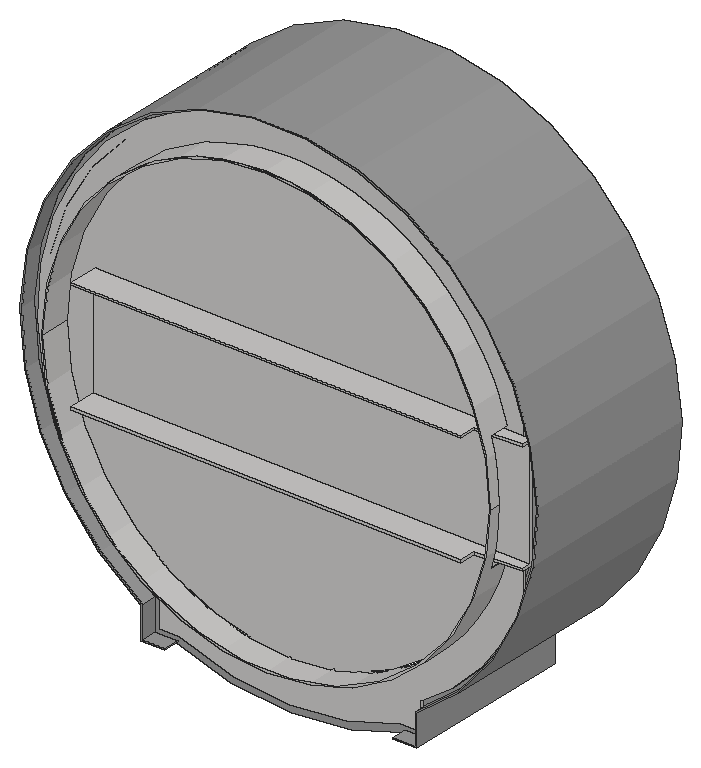
Revit family "DAN DRYER Björk Toilet Roll Holder Jumbo + 1 3355", category Casework, host Wall, Revit 2018
Family settings
  Host = Wall
  OmniClass Number = 23.40.35.00
  OmniClass Title = Casework
  Always vertical = Yes
  Cut with Voids When Loaded = No
  Shared = No
  Room Calculation Point = No
Parameters (values of type "DAN DRYER Björk Toilet Roll Holder Jumbo + 1 - 3355")
  URL = "https://www.dandryer.com/Files/Billeder/PDF/Datablade/Nye/Data%20sheet%20DAN%20DRYER%20BJ%C3%96RK%20Jumbo%203350-3355-3360.pdf"
  Model = "Björk - 3355"
  Manufacturer = "Dan Dryer"
  Description = "Toilet Roll Holder Jumbo + 1"
Reference planes
  plane 1: y = 0
  plane 2 "Center (Left/Right)": x = 125
  plane 3 "Back": y = 75
Text (mm)
  text "Placement side" at (-1343.702, 674.496, 0), in view "Ref. Level"
  text "Placement side" at (0, 1232.041, 2958.779), in view "Left"
  text "Placement side" at (0, 590.385, 3035.99), in view "Right"
Dimensions and locks
  locked: plane 3 "Back" to host wall at 0
  aligned and locked: plane 1 to host wall
  aligned and locked: nested 1 to plane 3 "Back"
Nested families
  nested 1: "Toilet Roll Holder Jumbo" at (125, 75, 1300) x (-1, 0, 0) z (0, 0, 1), type "Toilet Roll Holder Jumbo"
Definition of nested family "Toilet Roll Holder Jumbo"
  Parameters (values of type "Toilet Roll Holder Jumbo")
    Shield Finish = none
    Default Elevation = 1219.2 mm
  Reference planes
    plane 1 "Center (Front/Back)": y = 0
    plane 2: z = 0
    plane 3 "Center (Left/Right)": x = 0
  Dimensions and locks
    aligned and locked: level to plane 2
    aligned and locked: nested 1 to plane 1 "Center (Front/Back)"
    aligned and locked: nested 2 to nested 1
  Nested families
    nested 1: "Backplate" at (0, 0, 0) x (1, 0, 0) z (0, -1, 0), type "Backplate"
    nested 2: "Shield" at (0, -14.5, 0) x (1, 0, 0) z (0, -1, 0), type "Shield"
  Definition of nested family "Backplate"
    Parameters (values of type "Backplate")
      Stainless steel = none
      Default Elevation = 1219.2 mm
    Reference planes
      plane 1 "Center (Front/Back)": y = 0
      plane 2: z = 0
      plane 3 "Center (Left/Right)": x = 0
      plane 4: x = -115
      plane 5: x = 115
      plane 6: x = -205
    Forms (mm)
      Extrusion 1, solid, material <- "Stainless steel"
        sketch origin (0, 0, 0) x (1, 0, 0) y (0, 1, 0)
          loop
            circle (0, 0) r 197.5
          loop
            circle (0, 0) r 196.5
        from 1 to 27
      Extrusion 2, solid, material <- "Stainless steel"
        sketch origin (0, 0, 0) x (0, 1, 0) y (0, 0, 1)
          loop
            line (50, 0) -> (50, 27) -> (-50, 27) -> (-50, 0) -> (-48, 0) -> (-48, 25) -> (48, 25) -> (48, 0) -> (50, 0)
        from -212.535 to 171.153
      Extrusion 3, void
        sketch origin (0, 0, 0) x (1, 0, 0) y (0, 0, 1)
          loop
            line (-251.85, 19.915) -> (-251.85, -4.28) -> (-171.698, -4.28) -> (-171.698, 14.31) -> (-251.85, 19.915)
        from 60 to -60
      Extrusion 4, solid, material <- "Stainless steel"
        sketch origin (0, 0, 0) x (1, 0, 0) y (0, 1, 0)
          loop
            arc (115, -190.476) -> (145.613, 168.235) -> (-205, 86.494) r 222.5
            line (-205, 86.494) -> (-205, -86.494)
            arc (-205, -86.494) -> (-168.235, -145.613) -> (-115, -190.476) r 222.5
            line (-115, -190.476) -> (-115, -215) -> (-97.565, -215)
            arc (-97.565, -215) -> (0, -234) -> (97.565, -215) r 260
            line (97.565, -215) -> (115, -215) -> (115, -190.476)
        from 28.5 to 27
      Extrusion 5, void
        sketch origin (0, 0, 0) x (0, 1, 0) y (0, 0, 1)
          loop
            line (52.109, 27) -> (-52.891, 27) -> (-52.891, 9.569) -> (52.109, 9.569) -> (52.109, 27)
        from -150 to -200
    Cuts and joins
      Extrusion 5 cuts Extrusion 1
      Extrusion 3 cuts Extrusion 2
      Extrusion 5 cuts Extrusion 4
      joined: Extrusion 1, Extrusion 2, Extrusion 4
    Dimensions and locks
      plane 6 to Extrusion 4 sketch curve = 427.5 mm
      aligned and locked: level to plane 2
  Definition of nested family "Shield"
    Parameters (values of type "Shield")
      Paint finish = none
      Default Elevation = 1219.2 mm
    Reference planes
      plane 1 "Center (Front/Back)": y = 0
      plane 2: z = 0
      plane 3 "Center (Left/Right)": x = 0
      plane 4: z = 79.647
      plane 5: y = -241.1
    Forms (mm)
      Extrusion 1, solid, material <- "Paint finish"
        sketch origin (0, 0, 0) x (1, 0, 0) y (0, 1, 0)
          loop
            line (-121, -192.653) -> (-121, -220.453) -> (-100, -220.453) -> (-100, -219.453) -> (-120, -219.453) -> (-120, -192.1)
            arc (-120, -192.1) -> (0, 226.5) -> (120, -192.1) r 226.5
            line (120, -192.1) -> (120, -219.453) -> (100, -219.453) -> (100, -220.453) -> (121, -220.453) -> (121, -192.653)
            arc (121, -192.653) -> (0, 227.5) -> (-121, -192.653) r 227.5
        from 0 to 158
      Extrusion 2, void
        sketch origin (0, 56.875, 0) x (0, 1, 0) y (0, 0, 1)
          loop
            line (-282.328, 195.172) -> (-282.328, 151.5) -> (-249.73, 151.5) -> (-249.73, 195.172) -> (-282.328, 195.172)
        from 150 to -150
      Extrusion 3, solid, material <- "Paint finish"
        sketch origin (0, 0, 0) x (1, 0, 0) y (0, 1, 0)
          loop
            line (-120, -192.1) -> (-120, -219.453) -> (120, -219.453) -> (120, -192.1)
            arc (120, -192.1) -> (0, 226.5) -> (-120, -192.1) r 226.5
          loop
            line (-2.5, -131.453) -> (-2.5, -176.453)
            arc (-2.5, -176.453) -> (0, -178.953) -> (2.5, -176.453) r 2.5
            line (2.5, -176.453) -> (2.5, -131.453)
            arc (2.5, -131.453) -> (0, -128.953) -> (-2.5, -131.453) r 2.5
        from 150.5 to 151.5
      Extrusion 4, solid, material <- "Paint finish"
        sketch origin (0, 0, 0) x (1, 0, 0) y (0, 1, 0)
          loop
            line (-120, -192.1) -> (-120, -219.453) -> (-100, -219.453) -> (-100, -220.453) -> (-104.544, -220.453)
            arc (-104.544, -220.453) -> (0, -241.1) -> (104.544, -220.453) r 275
            line (104.544, -220.453) -> (100, -220.453) -> (100, -219.453) -> (120, -219.453) -> (120, -192.1)
            arc (120, -192.1) -> (0, 226.5) -> (-120, -192.1) r 226.5
          loop
            line (-110, -186.473) -> (-110, -201.684)
            arc (-110, -201.684) -> (0, -226.1) -> (110, -201.684) r 260
            line (110, -201.684) -> (110, -186.473)
            arc (110, -186.473) -> (0, 216.5) -> (-110, -186.473) r 216.5
        from 15.5 to 14
    Cuts and joins
      Extrusion 2 cuts Extrusion 1
      joined: Extrusion 1, Extrusion 3, Extrusion 4
    Dimensions and locks
      Extrusion 1 to Extrusion 2 sketch curve = 6.5 mm
      cut or joined group of Extrusion 1, Extrusion 2, Extrusion 3, Extrusion 4 to plane 5 = 468.6 mm
      aligned and locked: level to plane 2
